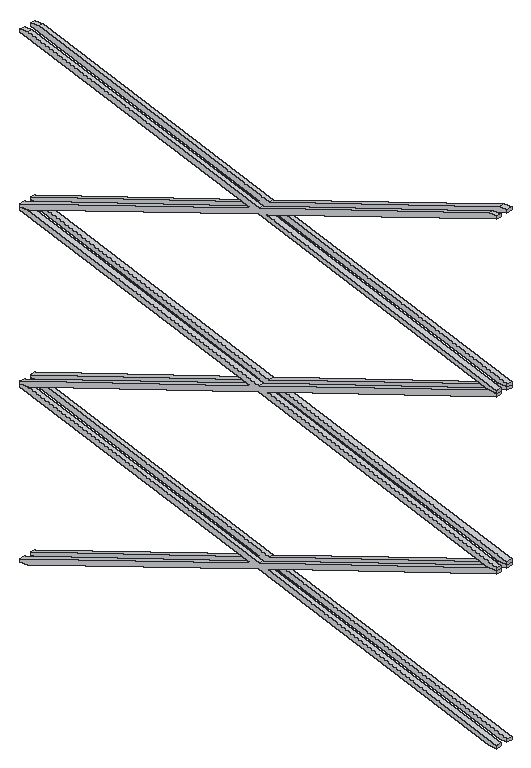
Revit family "M_Padrão do montante_diamante_3x1", category Modelos genéricos, Revit 2019
Family settings
  Pode hospedar o vergalhão = Não
  Cota do conector redondo = Utilizar diâmetro
  Tipo de parte = Normal
  Com base no plano de trabalho = Não
  Sempre na vertical = Sim
  Corte com vazios quando carregada = Não
  Compartilhado = Sim
  Ponto de cálculo do ambiente = Não
Parameters
  Largura [instance] = 1200 mm
  Espessura = 12.7 mm
  Altura [instance] = 1200 mm
  Material interior [instance] = none
  Material externo [instance] = none
  Distância = 19.05 mm
Reference planes
  plane 1 "Centro (Frente/Trás)": y = 0
  plane 2: z = 0
  plane 3 "Centro (Esquerda/Direita)": x = 0
  plane 4: z = 1200
  plane 5: x = -600
  plane 6: x = 600
  plane 7: z = 800
  plane 8: z = 400
Dimensions and locks
  equal spacing: plane 6, plane 3 "Centro (Esquerda/Direita)", plane 5
  "Largura": plane 6 to plane 5
  "Altura": plane 4 to plane 2
  equal spacing: plane 4, plane 7, plane 8, plane 2
  aligned and locked: plane 2 to level
  aligned and locked: plane 1 "Centro (Frente/Trás)" to nested 1
  aligned and locked: plane 1 "Centro (Frente/Trás)" to nested 2
  aligned and locked: plane 1 "Centro (Frente/Trás)" to nested 3
  aligned and locked: plane 6 to nested 1
  aligned and locked: plane 6 to nested 2
  aligned and locked: plane 6 to nested 3
  aligned and locked: plane 5 to nested 1
  aligned and locked: plane 5 to nested 3
  aligned and locked: plane 5 to nested 2
  aligned and locked: plane 2 to nested 1
  aligned and locked: plane 8 to nested 1
  aligned and locked: plane 7 to nested 2
  aligned and locked: plane 8 to nested 2
  aligned and locked: plane 7 to nested 3
  aligned and locked: plane 4 to nested 3
Nested families
  nested 1: "M_Padrão do montante_diamante" at (0, 0, 0), Material externo <- "Material externo", Material interior <- "Material interior", type "M_Padrão do montante_diamante"
    with W 1200 mm, Material interior none, H 400 mm, Material externo none
  nested 2: "M_Padrão do montante_diamante" at (0, 0, 400), Material externo <- "Material externo", Material interior <- "Material interior", type "M_Padrão do montante_diamante"
    with W 1200 mm, Material interior none, H 400 mm, Material externo none
  nested 3: "M_Padrão do montante_diamante" at (0, 0, 800), Material externo <- "Material externo", Material interior <- "Material interior", type "M_Padrão do montante_diamante"
    with W 1200 mm, Material interior none, H 400 mm, Material externo none
Definition of nested family "M_Padrão do montante_diamante"
  Parameters (values of type "M_Padrão do montante_diamante")
    W [instance] = 1200 mm
    Espessura = 12.7 mm
    H [instance] = 1200 mm
    Material interior [instance] = none
    Distância = 19.05 mm
    Material externo [instance] = none
  Reference planes
    plane 1 "Centro (Frente/Trás)": y = 0
    plane 2: z = 0
    plane 3 "Centro (Esquerda/Direita)": x = 0
    plane 4: z = 1200
    plane 5: x = -600
    plane 6: x = 600
    plane 7: z = 600
    plane 8: y = 9.525
    plane 9: y = -9.525
    plane 10: y = 22.225
    plane 11: y = -22.225
  Forms (mm)
    Extrusion 1, solid, material <- "Material externo", detail levels fine
      sketch origin (-600, 0, 1200) x (0.707107, 0, -0.707107) y (0.707107, 0, 0.707107)
        loop
          line (0, 6.35) -> (0, -6.35) -> (1697.056, -6.35) -> (1697.056, 6.35) -> (0, 6.35)
      from -22.225 to -9.525
    Extrusion 2, solid, material <- "Material externo", detail levels fine
      sketch origin (600, 0, 1200) x (-0.707107, 0, -0.707107) y (0.707107, 0, -0.707107)
        loop
          line (1697.056, 6.35) -> (0, 6.35) -> (0, -6.35) -> (1697.056, -6.35) -> (1697.056, 6.35)
      from -22.225 to -9.525
    Extrusion 3, void
      sketch origin (0, 0, 0) x (1, 0, 0) y (0, 0, 1)
        loop
          line (-600, 1200) -> (-600, 0) -> (600, 0) -> (600, 1200) -> (-600, 1200)
        loop
          line (-612.7, 1212.7) -> (-612.7, -12.7) -> (612.7, -12.7) -> (612.7, 1212.7) -> (-612.7, 1212.7)
      from -22.225 to 22.225
    Extrusion 4, solid, material <- "Material interior", detail levels fine
      sketch origin (-600, 0, 1200) x (0.707107, 0, -0.707107) y (0.707107, 0, 0.707107)
        loop
          line (0, 6.35) -> (0, -6.35) -> (1697.056, -6.35) -> (1697.056, 6.35) -> (0, 6.35)
      from 9.525 to 22.225
    Extrusion 5, solid, material <- "Material interior", detail levels fine
      sketch origin (600, 0, 1200) x (-0.707107, 0, -0.707107) y (0.707107, 0, -0.707107)
        loop
          line (0, -6.35) -> (1697.056, -6.35) -> (1697.056, 6.35) -> (0, 6.35) -> (0, -6.35)
      from 9.525 to 22.225
  Cuts and joins
    Extrusion 3 cuts Extrusion 1
    Extrusion 3 cuts Extrusion 2
    joined: Extrusion 1, Extrusion 2
    Extrusion 3 cuts Extrusion 4
    Extrusion 3 cuts Extrusion 5
    joined: Extrusion 4, Extrusion 5
  Lines and regions (mm)
    reference lines
      curve 1: line (-600, 0, 1200) -> (600, 0, 0)
      curve 2: line (600, 0, 1200) -> (-600, 0, 0)
      curve 3: line (-600, 0, 1200) -> (-447.336, 0, 1352.664)
      curve 4: line (600, 0, 0) -> (793.076, 0, 193.076)
      curve 5: line (-529.006, 0, 1120.026) -> (416.643, 0, 174.377)
      curve 6: line (-520.026, 0, 1129.006) -> (425.623, 0, 183.357)
      curve 7: line (600, 0, 1200) -> (469.786, 0, 1330.214)
      curve 8: line (-600, 0, 0) -> (-707.763, 0, 107.763)
      curve 9: line (-595.51, 0, -4.49) -> (557.214, 0, 1148.233)
      curve 10: line (-604.49, 0, 4.49) -> (548.233, 0, 1157.214)
    model lines, detail levels medium
      curve 11: line (600, 9.525, 0) -> (-600, 9.525, 1200)
      curve 12: line (600, 9.525, 1200) -> (-600, 9.525, 0)
      curve 13: line (600, -9.525, 0) -> (-600, -9.525, 1200)
      curve 14: line (600, -9.525, 1200) -> (-600, -9.525, 0)
  Dimensions and locks
    equal spacing: plane 6, plane 3 "Centro (Esquerda/Direita)", plane 5
    "W": plane 6 to plane 5
    "H": plane 4 to plane 2
    equal spacing: plane 4, plane 7, plane 2
    equal spacing: curve 5, curve 1, curve 6
    "Espessura": curve 5 to curve 6
    equal spacing: curve 9, curve 2, curve 10
    "Espessura": curve 9 to curve 10
    "Espessura": Extrusion 3 sketch curve to plane 6
    "Espessura": plane 2 to Extrusion 3 sketch curve
    "Espessura": plane 5 to Extrusion 3 sketch curve
    "Espessura": Extrusion 3 sketch curve to plane 4
    "Distância": plane 8 to plane 9
    equal spacing: plane 8, plane 1 "Centro (Frente/Trás)", plane 9
    "Espessura": plane 10 to plane 8
    "Espessura": plane 9 to plane 11
    locked: curve 1 to curve 3 (angle 90.00°)
    locked: curve 4 to curve 1 (angle 90.00°)
    locked: curve 7 to curve 2 (angle 90.00°)
    locked: curve 2 to curve 8 (angle 90.00°)
    aligned and locked: plane 2 to level
    aligned and locked: plane 4 to curve 1
    aligned and locked: plane 5 to curve 1
    aligned and locked: plane 2 to curve 2
    aligned and locked: plane 5 to curve 2
    aligned and locked: plane 6 to curve 1
    aligned and locked: plane 2 to curve 1
    aligned and locked: plane 6 to curve 2
    aligned and locked: plane 4 to curve 2
    aligned and locked: plane 4 to curve 3
    aligned and locked: plane 5 to curve 3
    aligned and locked: plane 6 to curve 4
    aligned and locked: plane 2 to curve 4
    aligned and locked: Extrusion 1 sketch curve to curve 5
    aligned and locked: Extrusion 1 sketch curve to curve 3
    aligned and locked: Extrusion 1 sketch curve to curve 6
    aligned and locked: curve 6 to Extrusion 1 sketch curve
    aligned and locked: curve 5 to Extrusion 1 sketch curve
    aligned and locked: Extrusion 1 sketch curve to curve 4
    aligned and locked: curve 4 to Extrusion 1 sketch curve
    aligned and locked: plane 5 to curve 8
    aligned and locked: plane 2 to curve 8
    aligned and locked: plane 6 to curve 7
    aligned and locked: plane 4 to curve 7
    aligned and locked: Extrusion 2 sketch curve to curve 10  (x2)
    aligned and locked: Extrusion 2 sketch curve to curve 8  (x2)
    aligned and locked: curve 9 to Extrusion 2 sketch curve  (x2)
    aligned and locked: curve 7 to Extrusion 2 sketch curve
    aligned and locked: plane 5 to Extrusion 3 sketch curve
    aligned and locked: Extrusion 3 sketch curve to plane 4
    aligned and locked: Extrusion 3 sketch curve to plane 6
    aligned and locked: plane 2 to Extrusion 3 sketch curve
    aligned and locked: plane 10 to cut or joined group of Extrusion 1, Extrusion 2, Extrusion 3  (x2)
    aligned and locked: cut or joined group of Extrusion 1, Extrusion 2, Extrusion 3 to plane 8  (x2)
    aligned and locked: plane 10 to Extrusion 3
    aligned and locked: Extrusion 3 to plane 11
    aligned and locked: curve 3 to Extrusion 4 sketch curve
    aligned and locked: Extrusion 4 sketch curve to curve 3
    aligned and locked: Extrusion 4 sketch curve to curve 6
    aligned and locked: Extrusion 4 sketch curve to curve 5
    aligned and locked: Extrusion 4 sketch curve to curve 4
    aligned and locked: curve 6 to Extrusion 4 sketch curve
    aligned and locked: curve 5 to Extrusion 4 sketch curve
    aligned and locked: Extrusion 5 sketch curve to curve 9
    aligned and locked: Extrusion 5 sketch curve to curve 10
    aligned and locked: Extrusion 5 sketch curve to curve 7  (x2)
    aligned and locked: Extrusion 5 sketch curve to curve 8  (x2)
    aligned and locked: curve 9 to Extrusion 5 sketch curve
    aligned and locked: curve 10 to Extrusion 5 sketch curve
    aligned and locked: Extrusion 4 to plane 11
    aligned and locked: Extrusion 5 to plane 11
    aligned and locked: plane 9 to Extrusion 4
    aligned and locked: plane 9 to Extrusion 5
    aligned and locked: plane 2 to curve 11
    aligned and locked: plane 6 to curve 11
    aligned and locked: plane 5 to curve 11
    aligned and locked: plane 4 to curve 11
    aligned and locked: plane 5 to curve 12
    aligned and locked: plane 2 to curve 12
    aligned and locked: plane 4 to curve 12
    aligned and locked: plane 6 to curve 12
    aligned and locked: plane 2 to curve 13
    aligned and locked: plane 6 to curve 13
    aligned and locked: plane 4 to curve 14
    aligned and locked: plane 6 to curve 14
    aligned and locked: plane 4 to curve 13
    aligned and locked: plane 5 to curve 13
    aligned and locked: plane 2 to curve 14
    aligned and locked: plane 5 to curve 14
  Automatic sketch dimensions
    curve 1 to curve 6 = 106.751 mm
    curve 1 to curve 5 = 106.751 mm
    curve 5 to curve 1 = 252.956 mm
    curve 6 to curve 5 = 0 mm
    curve 2 to curve 9 = 0 mm
    curve 2 to curve 9 = 66.859 mm
    curve 2 to curve 10 = 66.859 mm
